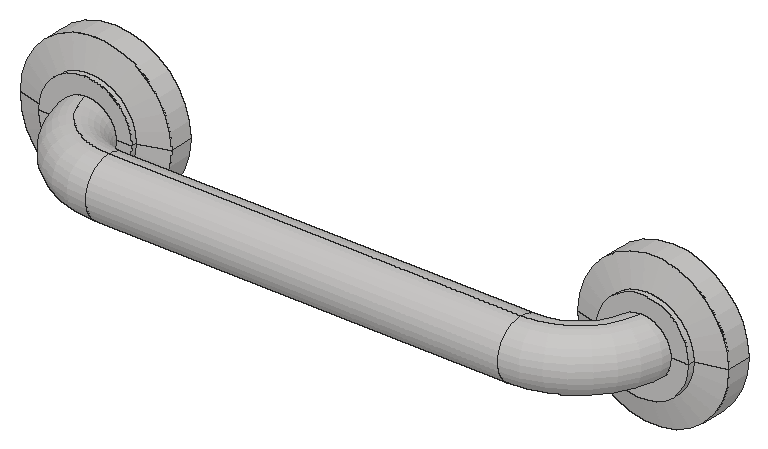
Revit family
Parameters
  Weight Limit = 0
  Warranty Duration (Years) = 0
  Unit Weight = 0
  Unit Length = 1' - 0"
  URL = "http://www.pontegiulio.com"
  Trim Radius = 0' - 1 5/8"
  Specification = "http://www.arcat.com/sd/clients/pontegiu.html?coid=43483"
  Send Message = "http://www.arcat.com/users.pl?action=UserEmail&company=Ponte%20Giulio&coid=43483&rep=132&fax=877-766-8306&mf="
  Sales Information = "http://www.pontegiulio.it/us/info.php"
  Revision = "R1_01-2010"
  Return Radius = 0' - 1 9/16"
  Product Properties = ""
  Product Data = "http://www.arcat.com/arcatcos/cos43/arc43483.html"
  Model = "Grab Bar as Specified in 10 28 13"
  Manufacturer's Notes = ""
  Manufacturer Website = "http://www.pontegiulio.com"
  Manufacturer Phone - Toll Free = "877-766-8301 "
  Manufacturer Fax = "877-766-8306"
  Manufacturer Address = "W241 S4021 Rockwood Circle, Waukesha, WI 53189"
  Manufacturer = "Ponte Giulio"
  Maintenance Schedule (Months) = 0
  Keynote = "10 28 13"
  Installation-Fabrication = ""
  Installation Phase = ""
  Green Building-LEED = "http://www.arcat.com/green/clients/leed_data_43483.html"
  Expected Lifespan (Years) = 0
  Drawn By = "Robert S. Weygant, CSI, CDT, SCIP"
  Diameter = 0' - 1 1/4"
  Description = "Grab Bar as Specified in 10 28 13"
  Default Elevation = 2' - 0"
  Copyright = "2010 ARCAT, Inc"
  Construction Details = ""
  Clear Space From Wall = 0' - 1 1/2"
  Building Codes = ""
  Bath Fixture Trim [instance] = Flange Type - BA - Beads
  Bath Fixture Material [instance] = Colour - Polished Stainless Steel
  Assembly Code = "C1030200"
  AK_Code Compliance = "ADA"
Reference planes (in)
  plane 1 "Center (Front/Back)": y = 0
  plane 2: z = 0
  plane 3 "Center (Left/Right)": x = 0
  plane 4: x = 12
  plane 5: y = -1.5
  plane 6 "Center Elevation": z = 24
Forms (in)
  Sweep 1, solid, material "Colour - Polished Stainless Steel" <- "Bath Fixture Material"
    path origin (0, 0, 24) x (1, 0, 0) y (0, 1, 0)
      loop
        line (0, 0) -> (0, -0.5625)
        arc (0, -0.5625) -> (0.45765, -1.66735) -> (1.5625, -2.125) r 1.5625
        line (1.5625, -2.125) -> (10.4375, -2.125)
        arc (10.4375, -2.125) -> (11.54235, -1.66735) -> (12, -0.5625) r 1.5625
        line (12, -0.5625) -> (12, 0)
    profile origin (0, -0.28125, 24) x (1, 0, 0) y (0, 0, 1)
      loop
        circle (0, 0) r 0.625
  Revolve 2, solid, material "Flange Type - BA - Beads" <- "Bath Fixture Trim"
    sketch origin (0, 0, 24) x (1, 0, 0) y (0, 1, 0)
      loop
        line (0, 0) -> (0, -0.8125) -> (1, -0.8125) -> (1, -0.6875) -> (1.625, -0.52003) -> (1.625, 0) -> (0, 0)
      axis (0, -0.8125) -> (0, 0)
    angle from 0 to 360
  Revolve 3, solid, material "Flange Type - BA - Beads" <- "Bath Fixture Trim"
    sketch origin (12, 0, 24) x (1, 0, 0) y (0, 1, 0)
      loop
        line (0, 0) -> (0, -0.8125) -> (1, -0.8125) -> (1, -0.6875) -> (1.625, -0.52003) -> (1.625, 0) -> (0, 0)
      axis (0, -0.8125) -> (0, 0)
    angle from 0 to 360
Dimensions and locks (in)
  "Unit Length": plane 3 "Center (Left/Right)" to plane 4  (x2)
  "Clear Space From Wall": plane 5 to plane 1 "Center (Front/Back)"
  "Default Elevation": plane 6 "Center Elevation" to level
  equal spacing: Sweep 1 sketch curve, plane 6 "Center Elevation", Sweep 1 sketch curve
  locked: Revolve 3 sketch curve to Revolve 3 sketch curve at 0.8125
  aligned and locked: plane 1 "Center (Front/Back)" to Revolve 2 sketch curve
  aligned and locked: Revolve 2 sketch curve to plane 3 "Center (Left/Right)"
  aligned and locked: Sweep 1 sketch curve to plane 3 "Center (Left/Right)"
  aligned and locked: plane 4 to Sweep 1 sketch curve
  aligned and locked: plane 6 "Center Elevation" to Revolve 2
  aligned and locked: Revolve 2 to Sweep 1 sketch curve
  aligned and locked: plane 1 "Center (Front/Back)" to Revolve 3 sketch curve
  aligned and locked: Revolve 3 sketch curve to plane 4
Automatic sketch dimensions
  Sweep 1 sketch curve to plane 1 "Center (Front/Back)" = 0' - 0"
  Sweep 1 sketch curve to plane 5 = 0' - 0 5/8"
  plane 3 "Center (Left/Right)" to Sweep 1 sketch curve = 0' - 1 9/16"
  plane 1 "Center (Front/Back)" to Sweep 1 sketch curve = 0' - 0 9/16"
  Sweep 1 sketch curve to Sweep 1 sketch curve = 0' - 0"
  Sweep 1 sketch curve to profile plane = 0' - 0"
  Sweep 1 sketch curve to profile plane = 0' - 0 5/8"
  Revolve 2 sketch curve to plane 3 "Center (Left/Right)" = 0' - 0"
  plane 3 "Center (Left/Right)" to Revolve 2 sketch curve = 0' - 1"
  Revolve 2 sketch curve to Revolve 2 sketch curve = 0' - 0 5/8"
  plane 1 "Center (Front/Back)" to Revolve 2 sketch curve = 0' - 0.52003"
  Revolve 2 sketch curve to Revolve 2 sketch curve = 0' - 0.16747"
  plane 5 to Revolve 2 sketch curve = 0' - 0 11/16"
  Revolve 2 sketch curve to plane 5 = 8' - 5.15632"
  Revolve 2 sketch curve to Revolve 2 sketch curve = 2' - 0"
  Revolve 3 sketch curve to plane 4 = 0' - 0"
  plane 4 to Revolve 3 sketch curve = 0' - 1"
  Revolve 3 sketch curve to Revolve 3 sketch curve = 0' - 0 5/8"
  plane 1 "Center (Front/Back)" to Revolve 3 sketch curve = 0' - 0.52003"
  Revolve 3 sketch curve to Revolve 3 sketch curve = 0' - 0.16747"
  Revolve 3 sketch curve to plane 5 = 8' - 5.15632"
  Revolve 3 sketch curve to Revolve 3 sketch curve = 2' - 0"
